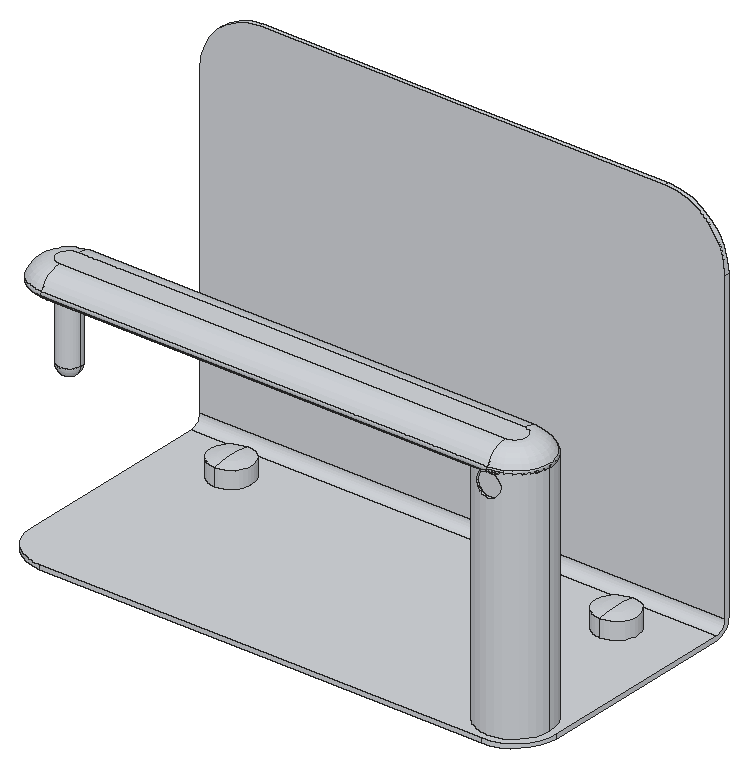
Revit family "Accessory-Tissue_Holder-KOHLER-Kumin-K-29221T", category Specialty Equipment, host Face, Revit 2021
Family settings
  Host = Face
  Round Connector Dimension = Use Diameter
  Part Type = Normal
  OmniClass Number = 23.31.25.21
  OmniClass Title = Toilet Paper Dispensers
  Cut with Voids When Loaded = No
  Shared = No
  Room Calculation Point = No
Parameters (values of type "CP-Polished Chrome")
  Width = 4.29921"  # constant formula
  WaterSense Certified = 1 = 0  # no
  URL = "http://www.kohler.com.cn/"
  Type = 1
  Product Page URL = "https://www.kohler.com.cn/product/K-29221T/K-29221T-CP/"
  Product Name = "Kumin"  # constant formula
  Product Documentation Link = "https://files.kohler.com.cn/pdfs/1652766926188_1503912-T2_A%EF%BC%88%E6%89%80%E6%9C%89%E7%BA%B8%E5%B7%BE%E6%9E%B6%E5%90%88%E9%9B%86%EF%BC%89.pdf"
  Model = if(Type = 1, "K-29221T-CP", if(Type = 2, "K-29221T-BV", if(Type = 3, "K-29221T-BL", if(Type = 4, "K-29221T-2MB", if(Type = 5, "K-29221T-AF", "NA")))))  # "K-29221T-CP"
  Material = "Premium Metal Construction"  # constant formula
  Master Format 2014 Name = "Toilet, Bath, and Laundry Accessories"  # constant formula
  Master Format 2014 = "10 28 00"  # constant formula
  Manufacturer Address = "Kohler Beijing Office (100016)36-2-03-B, No. 88, Liuxiang Road, Beijing"  # constant formula
  Manufacturer = "Kohler Co."  # constant formula
  Length = 5.90551"  # constant formula
  Height = 2.88189"  # constant formula
  Finish = Kohler-Metal-CP-Polished_Chrome
  Environmental Product Declaration = ""
  Description = "Kemei toilet paper holder (with storage platform)"  # constant formula
  Default Elevation = 42"
  Declare Label = ""
  Date Modified = "08/22/2022"  # constant formula
  Date Created = "08/22/2022"  # constant formula
  Copyright = "Copyright Kohler Co."  # constant formula
  Contact Us = "http://www.kohler.com.cn/contact/contact-us/"
  Assembly Code = "C1030200"
  ADA Compliant = 1 = 0  # no
Types (6): name | Type | Product Page URL | Model | Finish
  (no name) | 1 | "https://www.kohler.com.cn/product/K-29221T/K-29221T-CP/" | "K-29221T-CP" | Kohler-Metal-CP-Polished_Chrome
  CP-Polished Chrome | 1 | "https://www.kohler.com.cn/product/K-29221T/K-29221T-CP/" | "K-29221T-CP" | Kohler-Metal-CP-Polished_Chrome
  BV-Brushed Bronze | 2 | "https://www.kohler.com.cn/product/K-29221T/K-29221T-BV/" | "K-29221T-BV" | Kohler-Metal-BV-Brushed_Bronze
  BL-Matte Black | 3 | "https://www.kohler.com.cn/product/K-29221T/K-29221T-BL/" | "K-29221T-BL" | Kohler-Metal-BL-Matte_Black
  2MB-Vibrant Brushed Moderne Brass | 4 | "https://www.kohler.com.cn/product/K-29221T/K-29221T-2MB/" | "K-29221T-2MB" | Kohler-Metal-2MB-Vibrant_Brushed_Moderne_Brass
  AF-Vibrant French Gold | 5 | "https://www.kohler.com.cn/product/K-29221T/K-29221T-AF/" | "K-29221T-AF" | Kohler-Metal-AF-Vibrant_French_Gold
Reference planes (in)
  plane 1 "Center (Front/Back)": y = 0
  plane 2: z = 0
  plane 3 "Center (Left/Right)": x = 0
  plane 4: x = -2.95276
  plane 5: x = 2.95276
  plane 6: y = 1.44094
  plane 7: y = -1.44094
  plane 8: y = -0.96839
  plane 9: z = 4.29921
  plane 10: z = 2.91149
Dimensions and locks (in)
  "Length": plane 4 to plane 5
  "Height": plane 6 to plane 7
  "Width": plane 9 to level
  aligned and locked: plane 2 to host face
  aligned and locked: level to host face
  aligned and locked: plane 3 "Center (Left/Right)" to nested 1
  aligned and locked: plane 1 "Center (Front/Back)" to nested 1
Automatic sketch dimensions
  host sketch curve to host sketch curve = 96"  (x2)
Nested families (in)
  nested 1: "K-29221T" at (0, 0, 0), type "K-29221T"
Definition of nested family "K-29221T"
  Parameters (values of type "K-29221T")
    Material = none
    Default Elevation = 0"
  Reference planes (in)
    plane 1 "Center (Front/Back)": y = 0
    plane 2: z = 0
    plane 3 "Center (Left/Right)": x = 0
    plane 4: x = -2.95276
    plane 5: x = 2.95276
    plane 6: z = 4.29921
    plane 7: y = 1.44094
    plane 8: y = -1.44094
    plane 9: x = 2.4799
    plane 10: x = -2.52953
    plane 11: y = -0.96839
    plane 12: z = 2.91149
  Forms (in)
    Extrusion 1, solid, material <- "Material", detail levels medium+fine
      sketch origin (0, 0, 0) x (0, 1, 0) y (0, 0, 1)
        loop
          line (1.3937, 4.29921) -> (1.3937, 0.16535)
          arc (1.3937, 0.16535) -> (1.35911, 0.08184) -> (1.27559, 0.04724) r 0.11811
          line (1.27559, 0.04724) -> (-1.44094, 0.04724) -> (-1.44094, 0) -> (1.27559, 0)
          arc (1.27559, 0) -> (1.39251, 0.04843) -> (1.44094, 0.16535) r 0.16535
          line (1.44094, 0.16535) -> (1.44094, 4.29921) -> (1.3937, 4.29921)
      from -2.95276 to 2.95276
    Extrusion 2, void
      sketch origin (0, 0, 0) x (1, 0, 0) y (0, 1, 0)
        loop
          line (-2.95276, -0.9685) -> (-2.95276, -2.06679) -> (2.95276, -2.06679) -> (2.95276, -0.9685)
          arc (2.95276, -0.9685) -> (2.81438, -1.30257) -> (2.48031, -1.44094) r 0.47244
          line (2.48031, -1.44094) -> (0.01969, -1.44094) -> (-2.48031, -1.44094)
          arc (-2.48031, -1.44094) -> (-2.81438, -1.30257) -> (-2.95276, -0.9685) r 0.47244
      from -0.06573 to 0.1675
    Extrusion 3, void
      sketch origin (0, 0, 0) x (1, 0, 0) y (0, 0, 1)
        loop
          arc (2.27915, 4.29921) -> (2.75546, 4.10192) -> (2.95276, 3.6256) r 0.67361
          line (2.95276, 3.6256) -> (2.95276, 5.04921) -> (-2.95276, 5.04921) -> (-2.95276, 3.6256)
          arc (-2.95276, 3.6256) -> (-2.75546, 4.10192) -> (-2.27915, 4.29921) r 0.67361
          line (-2.27915, 4.29921) -> (-0.02915, 4.29921) -> (2.27915, 4.29921)
      from -1.87047 to -1.11811
    Revolve 4, solid, material <- "Material", detail levels medium+fine
      sketch origin (-2.16535, 0, 0) x (0, 1, 0) y (0, 0, 1)
        loop
          line (0.85039, 0.04724) -> (1.08661, 0.04724) -> (1.08661, 0.23622)
          arc (1.08661, 0.23622) -> (0.9693, 0.25683) -> (0.85039, 0.26385) r 1.03753
          line (0.85039, 0.26385) -> (0.85039, 0.04724)
        axis (0.85039, 0.26385) -> (0.85039, 0.04724)
      angle from 0 to 360
    Revolve 5, solid, material <- "Material", detail levels medium+fine
      sketch origin (2.16535, 0, 0) x (0, 1, 0) y (0, 0, -1)
        loop
          line (0.85039, -0.04724) -> (0.85039, -0.26385)
          arc (0.85039, -0.26385) -> (0.9693, -0.25683) -> (1.08661, -0.23622) r 1.03753
          line (1.08661, -0.23622) -> (1.08661, -0.04724) -> (0.85039, -0.04724)
        axis (0.85039, -0.26385) -> (0.85039, -0.04724)
      angle from 0 to 360
    Revolve 6, solid, material <- "Material", detail levels medium+fine
      sketch origin (0, -0.96816, 0) x (1, 0, 0) y (0, 0, 1)
        loop
          line (-2.52953, 1.74116) -> (-2.52953, 2.59082) -> (-2.6578, 2.59082) -> (-2.6578, 1.86943)
          arc (-2.6578, 1.86943) -> (-2.62023, 1.77873) -> (-2.52953, 1.74116) r 0.12827
        axis (-2.52953, 2.59082) -> (-2.52953, 1.74116)
      angle from 0 to 360
    Sweep 7, solid, material <- "Material", detail levels medium+fine
      path origin (0, 0, 0) x (1, 0, 0) y (0, 1, 0)
        loop
          arc (-2.53244, -0.57469) -> (-2.92614, -0.96839) -> (-2.53244, -1.36209) r 0.3937
          line (-2.53244, -1.36209) -> (2.48184, -1.36209)
          arc (2.48184, -1.36209) -> (2.87554, -0.96839) -> (2.48184, -0.57469) r 0.3937
          line (2.48184, -0.57469) -> (-2.53244, -0.57469)
      profile origin (-0.0253, -0.57469, 0) x (0, 1, 0) y (0, 0, 1)
        loop
          line (-0.30143, 2.91149) -> (-0.30143, 2.54492) -> (-0.2681, 2.54492)
          arc (-0.2681, 2.54492) -> (-0.13196, 2.59678) -> (-0.0164, 2.68549) r 0.50288
          arc (-0.0164, 2.68549) -> (-0.00217, 2.71322) -> (-0.00586, 2.74417) r 0.05335
          arc (-0.00586, 2.74417) -> (-0.10928, 2.86596) -> (-0.26243, 2.91149) r 0.28038
          line (-0.26243, 2.91149) -> (-0.30143, 2.91149)
    Extrusion 8, solid, material <- "Material", detail levels medium+fine
      sketch origin (0, 0, 0) x (1, 0, 0) y (0, 1, 0)
        loop
          arc (-2.53244, -0.87612) -> (-2.62471, -0.96839) -> (-2.53244, -1.06067) r 0.09227
          line (-2.53244, -1.06067) -> (2.48184, -1.06067)
          arc (2.48184, -1.06067) -> (2.57412, -0.96839) -> (2.48184, -0.87612) r 0.09227
          line (2.48184, -0.87612) -> (-2.53244, -0.87612)
      from 2.54492 to 2.91149
    Revolve 9, solid, material <- "Material", detail levels medium+fine
      sketch origin (0, -0.9685, 0) x (1, 0, 0) y (0, 0, 1)
        loop
          line (2.48031, 0.04724) -> (2.48031, 2.72328) -> (2.08703, 2.72328) -> (2.08703, 0.04724) -> (2.48031, 0.04724)
        axis (2.48031, 0.04724) -> (2.48031, 2.72328)
      angle from 0 to 360
    Extrusion 10, void
      sketch origin (0, 0, 0) x (1, 0, 0) y (0, 0, 1)
        loop
          circle (2.48856, 2.56643) r 0.13626
      from 1.32763 to 1.40866
    Extrusion 11, solid, material <- "Material", detail levels coarse
      sketch origin (0, 0, 0) x (0, 1, 0) y (0, 0, 1)
        loop
          line (1.3937, 4.29921) -> (1.3937, 0.04724) -> (-1.44094, 0.04724) -> (-1.44094, 0) -> (1.44094, 0) -> (1.44094, 4.29921) -> (1.3937, 4.29921)
      from -2.95276 to 2.95276
    Revolve 12, solid, material <- "Material", detail levels coarse
      sketch origin (2.47893, -0.00143, 0.0115) x (0, 1, 0) y (0, 0, 1)
        loop
          line (-0.96839, 2.53329) -> (-0.96839, 0.04724) -> (-0.57522, 0.04724) -> (-0.57522, 2.53329) -> (-0.96839, 2.53329)
        axis (-0.96839, 2.53329) -> (-0.96839, 0.04724)
      angle from 0 to 360
    Revolve 13, solid, material <- "Material", detail levels coarse
      sketch origin (0, -0.96839, 0) x (1, 0, 0) y (0, 0, 1)
        loop
          line (-2.52953, 2.59082) -> (-2.6578, 2.59082) -> (-2.6578, 1.85509)
          arc (-2.6578, 1.85509) -> (-2.61925, 1.76933) -> (-2.52953, 1.74121) r 0.11469
          line (-2.52953, 1.74121) -> (-2.52953, 2.59082)
        axis (-2.52953, 1.74121) -> (-2.52953, 2.59082)
      angle from 0 to 360
    Extrusion 14, solid, material <- "Material", detail levels coarse
      sketch origin (0, 0, 0) x (1, 0, 0) y (0, 1, 0)
        loop
          circle (-2.16535, 0.85039) r 0.23622
        loop
          circle (2.16535, 0.85039) r 0.23622
      from 0 to 0.26666
    Extrusion 15, solid, material <- "Material", detail levels coarse
      sketch origin (0, 0, 0) x (1, 0, 0) y (0, 1, 0)
        loop
          line (2.4799, -0.57469) -> (-2.52953, -0.57469)
          arc (-2.52953, -0.57469) -> (-2.92323, -0.96839) -> (-2.52953, -1.36209) r 0.3937
          line (-2.52953, -1.36209) -> (2.4799, -1.36209)
          arc (2.4799, -1.36209) -> (2.8736, -0.96839) -> (2.4799, -0.57469) r 0.3937
      from 2.54492 to 2.91149
  Cuts and joins
    Extrusion 2, Extrusion 3 cuts Extrusion 1
    joined: Extrusion 1, Revolve 4, Revolve 5
    Extrusion 10 cuts Sweep 7
    Extrusion 10 cuts Extrusion 8
    joined: Sweep 7, Extrusion 8
    Extrusion 10 cuts Revolve 9
    joined: Revolve 13, Extrusion 15
    joined: Extrusion 11, Revolve 12, Extrusion 14
  Lines and regions (in)
    Masking region 1
      outline origin (0, 0, 0) x (1, 0, 0) y (0, 1, 0)
        loop
          line (-2.95276, 1.44094) -> (-2.95276, -0.9685)
          arc (-2.95276, -0.9685) -> (-2.81438, -1.30257) -> (-2.48031, -1.44094) r 0.47244
          line (-2.48031, -1.44094) -> (2.48031, -1.44094)
          arc (2.48031, -1.44094) -> (2.81438, -1.30257) -> (2.95276, -0.9685) r 0.47244
          line (2.95276, -0.9685) -> (2.95276, 1.44094) -> (-2.95276, 1.44094)
    Masking region 2
      outline origin (0, 0, 0) x (0, 1, 0) y (0, 0, 1)
        loop
          line (1.3937, 4.29921) -> (1.3937, 0.16535)
          arc (1.3937, 0.16535) -> (1.35911, 0.08184) -> (1.27559, 0.04724) r 0.11811
          line (1.27559, 0.04724) -> (1.08661, 0.04724) -> (1.08661, 0.23622)
          arc (1.08661, 0.23622) -> (0.85039, 0.26312) -> (0.61417, 0.23622) r 1.05082
          line (0.61417, 0.23622) -> (0.61417, 0.04724) -> (-0.57522, 0.04724) -> (-0.57522, 2.72328)
          arc (-0.57522, 2.72328) -> (-0.57718, 2.73998) -> (-0.58295, 2.75576) r 0.07206
          arc (-0.58295, 2.75576) -> (-0.75885, 2.87527) -> (-0.96839, 2.91149) r 0.50334
          arc (-0.96839, 2.91149) -> (-1.17794, 2.87527) -> (-1.35383, 2.75576) r 0.50334
          arc (-1.35383, 2.75576) -> (-1.36043, 2.74017) -> (-1.36156, 2.72328) r 0.05091
          arc (-1.36156, 2.72328) -> (-1.3335, 2.57683) -> (-1.36156, 2.43038) r 0.39612
          line (-1.36156, 2.43038) -> (-1.36156, 0.04724) -> (-1.44094, 0.04724) -> (-1.44094, 0) -> (1.27559, 0)
          arc (1.27559, 0) -> (1.39251, 0.04843) -> (1.44094, 0.16535) r 0.16535
          line (1.44094, 0.16535) -> (1.44094, 4.29921) -> (1.3937, 4.29921)
    Masking region 3
      outline origin (0, 0, 0) x (1, 0, 0) y (0, 0, 1)
        loop
          line (2.95276, 0) -> (2.95276, 3.6256)
          arc (2.95276, 3.6256) -> (2.75546, 4.10192) -> (2.27915, 4.29921) r 0.67361
          line (2.27915, 4.29921) -> (-2.27915, 4.29921)
          arc (-2.27915, 4.29921) -> (-2.75546, 4.10192) -> (-2.95276, 3.6256) r 0.67361
          line (-2.95276, 3.6256) -> (-2.95276, 0) -> (2.95276, 0)
    symbolic lines
      curve 1: line (0, -1.44094, 0.04724) -> (0, -1.44094, 0.08077)
    symbolic lines, detail levels medium+fine
      curve 2: line (2.95276, 0, 0.16535) -> (-2.95276, 0, 0.16535)
      curve 3: line (0, -1.36179, 2.72328) -> (0, -0.57522, 2.72328)
      curve 4: line (0, -1.35383, 2.75576) -> (0, -0.58295, 2.75576)
      curve 5: line (0, -1.36156, 0.04724) -> (0, -0.57522, 0.04724)
      curve 6: line (0, 0.61417, 0.04724) -> (0, 1.08661, 0.04724)
      curve 7: line (0, 0.61417, 0.23622) -> (0, 1.08661, 0.23622)
      curve 8: line (0, -0.96839, 0.04724) -> (0, -0.96839, 0)
      curve 9: line (0, 1.3937, 3.6256) -> (0, 1.44094, 3.6256)
      curve 10: circle (-2.16535, 0.85039, 0) r 0.23622 normal (0, 0, 1)
      curve 11: circle (2.16535, 0.85039, 0) r 0.23622 normal (0, 0, 1)
      curve 12: arc (2.4799, -0.57522, 0) -> (2.8736, -0.96892, 0) -> (2.4799, -1.36262, 0) r 0.3937
      curve 13: line (2.4799, -0.57522, 0) -> (-2.53396, -0.57522, 0)
      curve 14: line (2.4799, -1.36156, 0) -> (-2.53396, -1.36156, 0)
      curve 15: arc (-2.53396, -0.57522, 0) -> (-2.92713, -0.96839, 0) -> (-2.53396, -1.36156, 0) r 0.39317
      curve 16: line (-2.52953, -0.57522, 0) -> (-2.52953, -1.36156, 0)
      curve 17: line (2.4799, -0.57522, 0) -> (2.4799, -1.36156, 0)
      curve 18: line (-2.95276, 1.3937, 0) -> (2.95276, 1.3937, 0)
      curve 19: line (-2.95276, 1.27559, 0) -> (2.95276, 1.27559, 0)
      curve 20: line (-2.27915, 1.44094, 0) -> (-2.27915, 1.3937, 0)
      curve 21: line (2.27915, 1.44094, 0) -> (2.27915, 1.3937, 0)
  Dimensions and locks (in)
    plane 5 to plane 4 = 5.90551"
    plane 6 to level = 4.29921"
    aligned and locked: plane 2 to level
